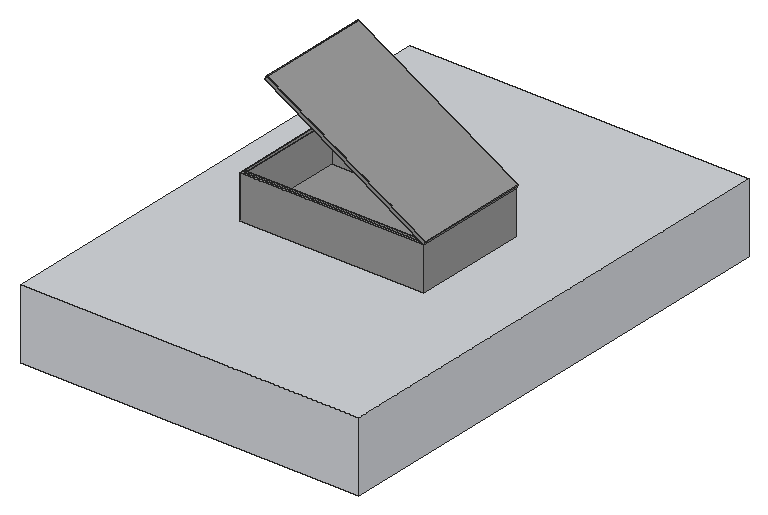
Revit family "Hager-Univers-IP44-D205-H500-Cl.II-Encl-CH-de", category Equipement électrique, Revit 2020
Family settings
  Hôte = Face
  Configuration du panneau = Deux colonnes, circuits au sein
  Cote de connecteur circulaire = Utiliser le diamètre
  Type d'élément = Tableau de raccordement
  Couper avec des vides une fois chargée = Non
  Partagée = Non
  Point de calcul de pièce = Non
Parameters (values of type "Aufputz IP44 B800 H500 T205  - FP33QS")
  Width Control [instance] = if([EF000008 - Breite] > Min Width, [EF000008 - Breite], Min Width)  # 800 mm
  Commentaires du type = [HG000003 - Bereich]  # "Univers"
  Thickness Door [instance] = if([EF009171 - Materialstärke Tür/Deckel] > 3 mm, 3 mm, [EF009171 - Materialstärke Tür/Deckel])  # 1 mm
  Seal Frame Offset [instance] = 17 mm  # constant formula
  Plinth Visibility [instance] = [HG000027 - Sockelhöhe] > 0 mm  # no
  Model = ""
  Min Width [instance] = 100 mm  # constant formula
  Min Height [instance] = 100 mm  # constant formula
  Min Depth [instance] = (2 * [EF009170 - Materialstärke Gehäuse]) + 1 mm  # 3 mm
  Internal Frame Depth [instance] = (Door System Depth * 0.5)  # 9 mm
  Height Control [instance] = if([EF000040 - Höhe] > Min Height, [EF000040 - Höhe], Min Height)  # 500 mm
  HG000027 - Sockelhöhe = 0 mm
  HG000026 - Stehend auf dem Boden = no
  HG000024 - Höhe des unteren Teils = 800 mm
  HG000023 - Gehäuse mit doppeltem Querschnitt = no
  HG000016 - 3D-Türsichtbarkeit [instance] = yes
  HG000015 - Sichtbarkeit der Türöffnung [instance] = no
  HG000014 - Tür rechts [instance] = yes
  HG000013 - Tür links [instance] = not([HG000014 - Tür rechts])  # no
  HG000012 - Türschwenkwinkel [instance] = 30.00°
  HG000010 - Asymmetrische Türen = no
  HG000009 - Doppelflügeligen Tür = no
  HG000006 - Unterputz = no
  HG000004 - Herstellerreferenz = "FP33QS"
  HG000003 - Bereich = "Univers"
  HG000002 - Mit tür = yes
  Frame Offset Bottom [instance] = 10 mm  # constant formula
  Frame Offset [instance] = 15 mm  # constant formula
  EF015940 - Deckel mit Überdruckentlastung = no
  EF011959 - Schutzart (NEMA) = ""
  EF009554 - Anzahl der Öffnungen für Flanschplatten = 6
  Fabricant = "Hager"  # constant formula
  EF009212 - Ausführung Deckel = "EV000116 - geschlossen"
  EF009171 - Materialstärke Tür/Deckel = 1 mm
  EF009170 - Materialstärke Gehäuse = 1 mm
  EF008873 - Nennstrom (In) = 250 A
  EF007800 - Geeignet für Blitzschutz = no
  EF006306 - Mit Schloss = no
  EF006244 - Transparenter Deckel/Tür = no
  EF005474 - Schutzart (IP) = "EV006418 - IP44"
  EF004464 - Art der Tür = "EV002646 - Einzel"
  EF004427 - Anzahl der Module = 108
  EF004293 - Schlagfestigkeit = "EV006815 - IK09"
  EF003532 - Geeignet für Außengebrauch = no
  EF002950 - Breite in Teilungseinheiten = 36
  EF001613 - Funktionserhalt = "EV000494 - ohne"
  EF001596 - Werkstoff des Gehäuses = "EV000179 - Stahl"
  EF001131 - Innentiefe = 143 mm
  EF001088 - Anbaumöglichkeit = yes
  EF000437 - Anzahl der Leitungseinführungen = 6
  EF000339 - Art der Abdeckung = "EV001012 - Deckel"
  EF000266 - Anzahl der Reihen = 3
  EF000218 - Einbautiefe = 0 mm
  EF000118 - Mit Montageplatte = no
  EF000116 - RAL-Nummer = "9010"
  EF000049 - Tiefe = 205 mm
  EF000040 - Höhe = 500 mm
  EF000008 - Breite = 800 mm
  EF000007 - Farbe = "EV000202 - weiß"
  EF000003 - Montageart = "EV000384 - Aufputz"
  Door System Leaf Tolerance [instance] = 1.5 mm  # constant formula
  Door System Depth [instance] = 18 mm  # constant formula
  Door Height [instance] = Height Control - [HG000027 - Sockelhöhe]  # 500 mm
  Depth Control [instance] = if([EF000049 - Tiefe] > Min Depth, [EF000049 - Tiefe], Min Depth)  # 205 mm
  Default Elevation = 0 mm
  Connector Offset [instance] = Height Control / 2  # 250 mm
  Bottom Top Plate Trim [instance] = 1.5 mm  # constant formula
  Plinth height Ctrl [instance] = if([HG000027 - Sockelhöhe] > 0 mm, [HG000027 - Sockelhöhe], 12 mm)  # 12 mm
Types (5, lengths in mm): name | Width Control | HG000009 - Doppelflügeligen Tür | HG000004 - Herstellerreferenz | EF009554 - Anzahl der Öffnungen für Flanschplatten | EF004464 - Art der Tür | EF004427 - Anzahl der Module | EF002950 - Breite in Teilungseinheiten | EF000437 - Anzahl der Leitungseinführungen | EF000008 - Breite
  Aufputz IP44 B1050 H500 T205  - FP34QS | 1050 | yes | "FP34QS" | 8 | "EV003602 - Doppel" | 144 | 48 | 8 | 1050
  Aufputz IP44 B1300 H500 T205  - FP35QS | 1300 | yes | "FP35QS" | 10 | "EV003602 - Doppel" | 180 | 60 | 10 | 1300
  Aufputz IP44 B300 H500 T205  - FP31QS | 300 | no | "FP31QS" | 2 | "EV002646 - Einzel" | 36 | 12 | 2 | 300
  Aufputz IP44 B550 H500 T205  - FP32QS | 550 | no | "FP32QS" | 4 | "EV002646 - Einzel" | 72 | 24 | 4 | 550
  Aufputz IP44 B800 H500 T205  - FP33QS | 800 | no | "FP33QS" | 6 | "EV002646 - Einzel" | 108 | 36 | 6 | 800
Reference planes
  plane 1 "Center (Front/Back)": y = 0
  plane 2: z = 0
  plane 3 "Center (Left/Right)": x = 0
  plane 4: z = 205
  plane 5: y = 1
  plane 6: y = 250
  plane 7: y = 0
  plane 8: y = 500
  plane 9: z = 0
  plane 10: x = -385
  plane 11: x = 385
  plane 12: x = 384
  plane 13: x = -384
  plane 14: y = 499
  plane 15: x = -383
  plane 16: x = -400
  plane 17: x = 383
  plane 18: x = 400
  plane 19: x = 399
  plane 20: x = -399
  plane 21: y = 11
  plane 22: y = 500
  plane 23: y = 484
  plane 24: z = 187
  plane 25: z = 1
  plane 26: z = 186
  plane 27: z = 204
Forms (mm)
  Extrusion 1, solid
    sketch origin (0, 0, 0) x (1, 0, 0) y (0, 1, 0)
      loop
        line (-702.964, 1305) -> (-702.964, -811.445) -> (766.763, -811.445) -> (766.763, 1305) -> (-702.964, 1305)
    from 0 to -304.8
  Extrusion 2, solid, material "Hager_Steel_RAL7035_Light_Grey", visible <- "Plinth Visibility", detail levels medium+fine
    sketch origin (0, 0, 0) x (1, 0, 0) y (0, 1, 0)
      loop
        line (-400, 0) -> (400, 0) -> (400, 12) -> (-400, 12) -> (-400, 0)
    from 0 to 187
  Extrusion 3, solid, material "Hager_Steel_RAL7035_Light_Grey", detail levels medium+fine
    sketch origin (0, 0, 0) x (1, 0, 0) y (0, 1, 0)
      loop
        line (-400, 0) -> (400, 0) -> (400, 500) -> (-400, 500) -> (-400, 0)
    from 0 to 187
  Extrusion 4, void
    sketch origin (0, 0, 0) x (1, 0, 0) y (0, 1, 0)
      loop
        line (-399, 1) -> (399, 1) -> (399, 499) -> (-399, 499) -> (-399, 1)
    from 1 to 186
  Extrusion 5, void
    sketch origin (-381.607, -4572, 187) x (0, -1, 0) y (-1, 0, 0)
      loop
        line (-4583, 2.393) -> (-5056, 2.393) -> (-5056, -765.607) -> (-4583, -765.607) -> (-4583, 2.393)
    from 0 to 1 <- "EF009170 - Materialstärke Gehäuse"
  Extrusion 6, solid, material "Hager_Steel_RAL7035_Light_Grey", detail levels fine
    sketch origin (0, 0, 187) x (1, 0, 0) y (0, 1, 0)
      loop
        line (-384, 484) -> (-384, 11) -> (384, 11) -> (384, 484) -> (-384, 484)
      loop
        line (-385, 10) -> (385, 10) -> (385, 485) -> (-385, 485) -> (-385, 10)
    from 0 to 9 <- "Internal Frame Depth"
  Extrusion 7, solid, material "Hager_Steel_RAL7035_Light_Grey", detail levels coarse
    sketch origin (0, 0, 0) x (1, 0, 0) y (0, 1, 0)
      loop
        line (-400, 0) -> (400, 0) -> (400, 500) -> (-400, 500) -> (-400, 0)
    from 0 to 205
  Sweep 8, void
    path in 3D
      loop
        line (-400, 12, 0) -> (400, 12, 0) -> (400, 12, 187) -> (-400, 12, 187) -> (-400, 12, 0)
    profile origin (-400, 12, 93.5) x (-1, 0, 0) y (0, -1, 0)
      loop
        line (0, 0) -> (0, 1.5) -> (-1.5, 1.5)
        arc (-1.5, 1.5) -> (-1.061, 0.439) -> (0, 0) r 1.5
Cuts and joins
  Extrusion 4, Extrusion 5 cuts Extrusion 3
  Sweep 8 cuts Extrusion 2
Lines and regions (mm)
  Masking region 1
    outline origin (0, 0, 0) x (1, 0, 0) y (0, 0, 1)
      loop
        line (-400, 205) -> (-400, 0) -> (400, 0) -> (400, 205) -> (-400, 205)
  Masking region 2, detail levels medium+fine
    outline origin (0, 140, 0) x (0, 1, 0) y (0, 0, 1)
      loop
        line (-140, 0) -> (360, 0) -> (360, 187) -> (-140, 187) -> (-140, 0)
  Masking region 3, not visible, detail levels medium+fine
    outline origin (0, 297.922, 0) x (0, 1, 0) y (0, 0, 1)
      loop
        line (-36.422, 0) -> (3.578, 0) -> (3.578, 194)
        arc (3.578, 194) -> (0.649, 201.071) -> (-6.422, 204) r 10
        line (-6.422, 204) -> (-36.422, 204) -> (-36.422, 0)
  Masking region 4, detail levels coarse
    outline origin (0, 0, 180) x (0, 1, 0) y (0, 0, 1)
      loop
        line (0, -180) -> (500, -180) -> (500, 25) -> (0, 25) -> (0, -180)
  Masking region 5, visible <- "Plinth Visibility", detail levels medium+fine
    outline origin (0, 52.24, 12.345) x (0, 0, -1) y (0, 1, 0)
      loop
        line (10.845, -40.24) -> (-173.155, -40.24)
        arc (-173.155, -40.24) -> (-173.594, -41.301) -> (-174.655, -41.74) r 1.5
        line (-174.655, -41.74) -> (-174.655, -52.24) -> (12.345, -52.24) -> (12.345, -41.74)
        arc (12.345, -41.74) -> (11.285, -41.301) -> (10.845, -40.24) r 1.5
  Masking region 6, detail levels medium+fine
    outline origin (-381.607, -4572, 187) x (-1, 0, 0) y (0, -1, 0)
      loop
        line (18.393, -5072) -> (18.393, -4572) -> (-781.607, -4572) -> (-781.607, -5072) -> (18.393, -5072)
  Masking region 7, visible <- "Plinth Visibility", detail levels medium+fine
    outline origin (-381.607, -4727, 187) x (-1, 0, 0) y (0, -1, 0)
      loop
        arc (16.893, -4739) -> (17.332, -4737.939) -> (18.393, -4737.5) r 1.5
        line (18.393, -4737.5) -> (18.393, -4727) -> (-781.607, -4727) -> (-781.607, -4737.5)
        arc (-781.607, -4737.5) -> (-780.546, -4737.939) -> (-780.107, -4739) r 1.5
        line (-780.107, -4739) -> (16.893, -4739)
  Masking region 8, detail levels coarse
    outline origin (-442.548, -4669.526, 187) x (-1, 0, 0) y (0, -1, 0)
      loop
        line (-42.548, -5169.526) -> (-42.548, -4669.526) -> (-842.548, -4669.526) -> (-842.548, -5169.526) -> (-42.548, -5169.526)
  sketch lines
    curve 1: line (-400, 12, 187) -> (-400, 12, 0)
    curve 2: line (400, 12, 187) -> (-400, 12, 187)
    curve 3: line (400, 12, 187) -> (400, 12, 0)
    curve 4: line (-400, 12, 0) -> (400, 12, 0)
Dimensions and locks
  "Depth Control": plane 4 to Extrusion 1
  "HG000027 - Sockelhöhe": plane 1 "Center (Front/Back)" to plane 7
  "EF009170 - Materialstärke Gehäuse": plane 5 to plane 7
  locked: connector elem to plane 3 "Center (Left/Right)"
  equal spacing: plane 8, plane 6, plane 7
  locked: connector elem to plane 6
  "EF009170 - Materialstärke Gehäuse": plane 8 to plane 14
  "EF009170 - Materialstärke Gehäuse": plane 10 to plane 13
  "EF009170 - Materialstärke Gehäuse": plane 12 to plane 11
  "Frame Offset": plane 20 to plane 13
  "Frame Offset": plane 12 to plane 19
  "EF009170 - Materialstärke Gehäuse": plane 16 to plane 20
  "EF009170 - Materialstärke Gehäuse": plane 19 to plane 18
  "Seal Frame Offset": plane 16 to plane 15
  "Seal Frame Offset": plane 17 to plane 18
  "Frame Offset Bottom": plane 21 to plane 5
  "Frame Offset": plane 14 to plane 23
  equal spacing: plane 16, plane 3 "Center (Left/Right)", plane 18
  "Width Control": plane 16 to plane 18
  "EF009170 - Materialstärke Gehäuse": plane 4 to plane 27
  "EF009170 - Materialstärke Gehäuse": plane 24 to plane 26
  "EF009170 - Materialstärke Gehäuse": plane 25 to level
  "Door System Depth": plane 4 to plane 24
  "Height Control": plane 1 "Center (Front/Back)" to Extrusion 7 sketch curve
  "Height Control": Masking region 4 sketch curve to plane 1 "Center (Front/Back)"
  "Height Control": plane 1 "Center (Front/Back)" to plane 22
  "Bottom Top Plate Trim": profile plane to Sweep 8 sketch curve
  "Bottom Top Plate Trim": Sweep 8 sketch curve to profile plane
  "Plinth height Ctrl": plane 1 "Center (Front/Back)" to Extrusion 2 sketch curve
  "Plinth height Ctrl": Masking region 5 sketch curve to plane 1 "Center (Front/Back)"
  "Plinth height Ctrl": plane 1 "Center (Front/Back)" to Masking region 7 sketch curve
  "Thickness Door": Extrusion 6 sketch curve to Extrusion 6 sketch curve  (x3)
  "Thickness Door": cut or joined group of Extrusion 3, Extrusion 4, Extrusion 5 to Extrusion 6 sketch curve
  radius of Masking region 3 sketch curve = 10 mm
  "Bottom Top Plate Trim": radius of Masking region 5 sketch curve  (x2)
  "Bottom Top Plate Trim": radius of Sweep 8 sketch curve
  "Bottom Top Plate Trim": radius of Masking region 7 sketch curve  (x2)
  aligned and locked: plane 2 to Extrusion 1
  aligned and locked: level to Extrusion 1
  aligned and locked: level to Masking region 1 sketch curve
  aligned and locked: Masking region 1 sketch curve to plane 18
  aligned and locked: Masking region 1 sketch curve to plane 16
  aligned and locked: plane 7 to Masking region 2 sketch curve
  aligned and locked: level to Masking region 3 sketch curve
  aligned and locked: Masking region 3 sketch curve to plane 27
  aligned and locked: level to Masking region 2 sketch curve
  aligned and locked: plane 1 "Center (Front/Back)" to Extrusion 2 sketch curve
  aligned and locked: Extrusion 3 sketch curve to plane 7
  aligned and locked: plane 16 to Extrusion 3 sketch curve
  aligned and locked: plane 18 to Extrusion 3 sketch curve
  aligned and locked: plane 20 to Extrusion 4 sketch curve
  aligned and locked: plane 19 to Extrusion 4 sketch curve
  aligned and locked: Extrusion 4 sketch curve to plane 5
  aligned and locked: Extrusion 4 to plane 25
  aligned and locked: plane 26 to Extrusion 4
  aligned and locked: plane 24 to Extrusion 3
  aligned and locked: Extrusion 5 sketch curve to plane 21
  aligned and locked: Extrusion 5 sketch curve to plane 13
  aligned and locked: Extrusion 5 sketch curve to plane 12
  aligned and locked: plane 18 to Extrusion 7 sketch curve
  aligned and locked: plane 1 "Center (Front/Back)" to Extrusion 7 sketch curve
  aligned and locked: plane 16 to Extrusion 7 sketch curve
  aligned and locked: plane 4 to Extrusion 7
  aligned and locked: Extrusion 7 to level
  aligned and locked: level to Masking region 4 sketch curve
  aligned and locked: Masking region 4 sketch curve to plane 1 "Center (Front/Back)"
  aligned and locked: Masking region 4 sketch curve to plane 4
  aligned and locked: nested 1 to level
  aligned and locked: nested 1 to plane 16
  aligned and locked: plane 8 to Extrusion 3 sketch curve
  aligned and locked: plane 23 to Extrusion 5 sketch curve
  aligned and locked: plane 14 to Extrusion 4 sketch curve
  aligned and locked: Masking region 2 sketch curve to plane 8
  aligned and locked: level to Masking region 5 sketch curve
  aligned and locked: plane 16 to Extrusion 2 sketch curve
  aligned and locked: plane 18 to Extrusion 2 sketch curve
  aligned and locked: Masking region 5 sketch curve to plane 24
  aligned and locked: Masking region 2 sketch curve to plane 24
  aligned and locked: plane 24 to Extrusion 2
  aligned and locked: profile plane to Sweep 8 sketch curve  (x2)
  aligned and locked: Masking region 6 sketch curve to plane 18
  aligned and locked: Masking region 6 sketch curve to plane 22
  aligned and locked: Masking region 6 sketch curve to plane 16
  aligned and locked: plane 8 to plane 22
  aligned and locked: Masking region 6 sketch curve to plane 7
  aligned and locked: Masking region 7 sketch curve to plane 16
  aligned and locked: Masking region 7 sketch curve to plane 1 "Center (Front/Back)"
  aligned and locked: Masking region 7 sketch curve to plane 18
  aligned and locked: Masking region 8 sketch curve to plane 1 "Center (Front/Back)"
  aligned and locked: Masking region 8 sketch curve to plane 18
  aligned and locked: Masking region 8 sketch curve to plane 22
  aligned and locked: Masking region 8 sketch curve to plane 16
  aligned and locked: nested 2 to plane 7
  aligned and locked: plane 3 "Center (Left/Right)" to nested 2
  aligned and locked: nested 2 to plane 24
  aligned and locked: Extrusion 6 sketch curve to cut or joined group of Extrusion 3, Extrusion 4, Extrusion 5  (x4)
Automatic sketch dimensions
  Extrusion 1 sketch curve to Extrusion 1 sketch curve = 1469.727 mm
  Extrusion 1 sketch curve to Extrusion 1 sketch curve = 2116.445 mm
  Masking region 1 sketch curve to plane 4 = 0 mm
  plane 6 to Masking region 3 sketch curve = 11.5 mm
  Masking region 3 sketch curve to Masking region 3 sketch curve = 30 mm
  Masking region 5 sketch curve to plane 1 "Center (Front/Back)" = 0 mm
Nested families
  nested 1: "Hager_Enclosure_Symbol" at (-400, 0, 0) x (1, 0, 0) z (0, -1, 0), Height <- "Depth Control", Width <- "Width Control", type "Hager_Enclosure_Symbol"
    with Width_Ctrl 800 mm, Width 800 mm, Height_Ctrl 205 mm, Height 205 mm, A_Width_Int 13.453 mm, A_Width 161.438 mm, A_Height_Ctrl 179.375 mm, A_Height 179.375 mm
  nested 2: "EC000058_Univers_Door" at (0, 0, 187) x (1, 0, 0) z (0, 1, 0), Leaf_Tolerance <- "Door System Leaf Tolerance", Angle <- "HG000012 - Türschwenkwinkel", Door_Depth <- "Door System Depth", Door_Left <- "HG000013 - Tür links", Transparent <- "EF006244 - Transparenter Deckel/Tür", Assymetrical <- "HG000010 - Asymmetrische Türen", Width <- "Width Control", Clearance <- "HG000015 - Sichtbarkeit der Türöffnung", Double <- "HG000009 - Doppelflügeligen Tür", 3d_Door <- "HG000016 - 3D-Türsichtbarkeit", Lock_Visibility <- "EF006306 - Mit Schloss", Width_Ctrl <- "Width Control", Door_Right <- "HG000014 - Tür rechts", Door <- "HG000002 - Mit tür", Height <- "Door Height", Thickness <- "Thickness Door", type "EC000058_Univers_Door", detail levels medium+fine
    with min_wh 3 mm, Width_Ctrl 800 mm, Width 800 mm, Transparent no, Thickness 1 mm, Seal_Material Hager_Rubber, Lock_Visibility no, Lock_Material Hager_Plastic_RAL9005_Jet_Black, Leaf_Width 800 mm, Leaf_Tolerance_External_Sides 0 mm, Leaf_Tolerance 1.5 mm, Leaf_Offset 0 mm, Leaf_Height 497 mm, Leaf_2_Width 800 mm, Leaf_2_Offset 400 mm, Leaf_1_Width 800 mm, Leaf_1_Offset 400 mm, Height_Ctrl 500 mm, Height 500 mm, Glass_Material Hager_Glass, Double_Clearance_Ctrl no, Double no, Door_Right_Ctrl yes, Door_Right yes, Door_Material Hager_Steel_RAL7035_Light_Grey, Door_Left_Ctrl no, Door_Left no, Door_Depth 18 mm, Door yes, Clearance_Material Hager_Clearance, Clearance_Depth 800 mm, Clearance_Ctrl no, Clearance no, Assymetrical no, Angle 30.00°, 3d_Door yes
Connectors
  electrical at (0, 250, 0)
    settings: on plane 9, index 1, voltage 0 V, apparent load 0 VA, apparent load phase1 0 VA, apparent load phase2 0 VA, apparent load phase3 0 VA, power factor 1, load classification "Other", number of poles 1, system type 30, power factor state 1, is connector primary yes, connector utility no, sub classification motor no, connector description ""
Definition of nested family "EC000058_Univers_Door"
  Parameters (values of type "EC000058_Univers_Door")
    min_wh [instance] = (2 * Thickness) + 1 mm  # 11 mm
    Width_Ctrl [instance] = 400 mm
    Width [instance] = 500 mm
    Transparent [instance] = yes
    Thickness [instance] = 5 mm
    Seal_Material [instance] = none
    Lock_Visibility [instance] = yes
    Lock_Material [instance] = none
    Leaf_Width [instance] = if((Width_Ctrl - 2 * Leaf_Tolerance_External_Sides) > 0 mm, (Width_Ctrl - 2 * Leaf_Tolerance_External_Sides), min_wh)  # 400 mm
    Leaf_Tolerance_External_Sides [instance] = 0 mm  # constant formula
    Leaf_Tolerance [instance] = 1.5 mm
    Leaf_Offset [instance] = 0 mm  # constant formula
    Leaf_Height [instance] = if((Height_Ctrl - 2 * Leaf_Tolerance) > 0 mm, (Height_Ctrl - 2 * Leaf_Tolerance), min_wh)  # 497 mm
    Leaf_2_Width [instance] = if(and(and(Double, Assymetrical), Door_Left), (Leaf_Width / 3) - (Leaf_Tolerance / 2), if(and(and(Double, Assymetrical), Door_Right), (Leaf_Width / 3) * 2 - (Leaf_Tolerance / 2), if(and(Double, not(Assymetrical)), (Leaf_Width / 2) - Leaf_Tolerance, Leaf_Width)))  # 400 mm
    Leaf_2_Offset [instance] = if(and(Double, Assymetrical), Leaf_2_Width / 2, if(and(Double, not(Assymetrical)), Leaf_Width / 4, Leaf_Width / 2))  # 200 mm
    Leaf_1_Width [instance] = if(and(and(Double, Assymetrical), Door_Right), (Leaf_Width / 3) - (Leaf_Tolerance / 2), if(and(and(Double, Assymetrical), Door_Left), (Width / 3) * 2 - (Leaf_Tolerance / 2), if(and(Double, not(Assymetrical)), (Leaf_Width / 2) - Leaf_Tolerance, Leaf_Width)))  # 400 mm
    Leaf_1_Offset [instance] = if(and(Double, Assymetrical), Leaf_1_Width / 2, if(and(Double, not(Assymetrical)), Leaf_Width / 4, Leaf_Width / 2))  # 200 mm
    Height_Ctrl [instance] = if(Height > min_wh, Height, min_wh)  # 500 mm
    Height [instance] = 500 mm
    Glass_Material [instance] = none
    Double_Clearance_Ctrl [instance] = and(Double, Clearance)  # no
    Double [instance] = no
    Door_Right_Ctrl [instance] = and(or(Door_Right, Double), Door)  # yes
    Door_Right [instance] = yes
    Door_Material [instance] = none
    Door_Left_Ctrl [instance] = and(or(Door_Left, Double), Door)  # no
    Door_Left [instance] = no
    Door_Depth [instance] = 30 mm
    Door [instance] = yes
    Default Elevation = 1219.2 mm
    Clearance_Material [instance] = none
    Clearance_Depth [instance] = if(Leaf_1_Width > Leaf_2_Width, Leaf_1_Width, Leaf_2_Width)  # 400 mm
    Clearance_Ctrl [instance] = and(not(Double), Clearance)  # yes
    Clearance [instance] = yes
    Assymetrical [instance] = yes
    Angle [instance] = 30.00°
    3d_Door [instance] = yes
  Reference planes
    plane 1 "Center (Front/Back)": y = 0
    plane 2 "Bottom": z = 0
    plane 3 "Center (Left/Right)": x = 0
    plane 4: z = 500
    plane 5: x = -200
    plane 6: x = 200
    plane 7: z = 500
    plane 8: x = -200
    plane 9: z = 0
    plane 10: x = 200
    plane 11: y = 0
    plane 12: z = 1.5
    plane 13: x = -600
    plane 14: y = -400
    plane 15: x = 600
    plane 16: x = 0
    plane 17: x = 0
    plane 18: x = -200
    plane 19: x = 200
    plane 20: z = 498.5
  Forms (mm)
    Extrusion 1, solid, material <- "Clearance_Material", visible <- "Double_Clearance_Ctrl"
      sketch origin (1200, 0, 0) x (1, 0, 0) y (0, 0, -1)
        loop
          line (-1800, -498.5) -> (-600, -498.5) -> (-600, 0) -> (-1800, 0) -> (-1800, -498.5)
      from 0 to -400
  Dimensions and locks
    equal spacing: plane 5, plane 3 "Center (Left/Right)", plane 6
    "Width_Ctrl": plane 5 to plane 6
    "Leaf_Offset": plane 5 to plane 8
    "Leaf_Offset": plane 6 to plane 10
    "Leaf_Offset": plane 9 to level
    "Leaf_Offset": plane 4 to plane 7
    "Height_Ctrl": plane 4 to level
    "Leaf_Tolerance": plane 12 to plane 9
    locked: plane 11 to plane 1 "Center (Front/Back)"
    "Leaf_1_Offset": plane 18 to plane 16
    "Leaf_2_Offset": plane 17 to plane 19
    "Leaf_1_Width": plane 13 to plane 8
    "Leaf_2_Width": plane 10 to plane 15
    "Clearance_Depth": plane 14 to plane 1 "Center (Front/Back)"
    "Leaf_Tolerance_External_Sides": plane 8 to plane 18
    "Leaf_Tolerance_External_Sides": plane 19 to plane 10
    "Leaf_Tolerance": plane 7 to plane 20
    aligned and locked: level to plane 2 "Bottom"
    aligned and locked: nested 1 to plane 16
    aligned and locked: nested 2 to plane 17
    aligned and locked: Extrusion 1 to plane 13
    aligned and locked: plane 15 to Extrusion 1
    aligned and locked: Extrusion 1 to plane 14
    aligned and locked: plane 12 to nested 1
    aligned and locked: nested 2 to plane 12
    aligned and locked: Extrusion 1 to plane 11
    aligned and locked: plane 20 to Extrusion 1
    aligned and locked: nested 2 to plane 11
    aligned and locked: nested 1 to plane 11
  Automatic sketch dimensions
    Extrusion 1 sketch curve to level = 0 mm
    plane 5 to Extrusion 1 sketch curve = 400 mm
    plane 6 to Extrusion 1 sketch curve = 400 mm
    Extrusion 1 sketch curve to plane 4 = 1.5 mm
  Nested families
    nested 1: "EC000058_Univers_Door_Leaf" at (0, 0, 1.5), Width <- "Leaf_1_Width", visible <- "Door_Left_Ctrl", Leaf_Height <- "Leaf_Height", Angle <- "Angle", 3d_Door <- "3d_Door", Transparent <- "Transparent", Clearance Material <- "Clearance_Material", Clearance <- "Clearance_Ctrl", Door_Material <- "Door_Material", Glass_Material <- "Glass_Material", Door_Depth <- "Door_Depth", Lock_Material <- "Lock_Material", Seal_Material <- "Seal_Material", Lock_Visibility <- "Lock_Visibility", Thickness <- "Thickness", type "EC000058_Univers_Door_Leaf"
      with Width 400 mm, Transparent_Glass_Offset 30 mm, Transparent_Ctrl yes, Transparent yes, Thickness 5 mm, Standard no, Seal_Material none, Seal_D2 8 mm, Seal_D1 1 mm, Offset_Internal_Frame 10 mm, Lock_Width 20 mm, Lock_Visibility_3d yes, Lock_Visibility yes, Lock_Thickness_3 3 mm, Lock_Thickness_2 1 mm, Lock_Thickness_1 3 mm, Lock_Radius_Offset_2 16 mm, Lock_Radius_Offset_1 15 mm, Lock_Radius_2 5 mm, Lock_Radius 6 mm, Lock_Offset 5 mm, Lock_Material none, Lock_Height 80 mm, Lock_Cover_Top_Offset_2d 17 mm, Lock_Cover_Height -65 mm, Leaf_Height 497 mm, Internal_Seal_Thickness 8 mm, Internal_Seal_Depth_2 4.5 mm, Internal_Frame_Depth 25 mm, Glass_Thickness -1 mm, Glass_Offset -2 mm, Glass_Material none, Door_Material none, Door_Depth 30 mm, Clearance Material none, Clearance yes, Angle_Ctrl 30.00°, Angle 30.00°, 3d_Door yes
    nested 2: "EC000058_Univers_Door_Leaf" at (0, 0, 1.5) x (-1, 0, 0) z (0, 0, 1), Width <- "Leaf_2_Width", visible <- "Door_Right_Ctrl", Leaf_Height <- "Leaf_Height", Angle <- "Angle", 3d_Door <- "3d_Door", Transparent <- "Transparent", Clearance Material <- "Clearance_Material", Clearance <- "Clearance_Ctrl", Door_Material <- "Door_Material", Glass_Material <- "Glass_Material", Door_Depth <- "Door_Depth", Lock_Material <- "Lock_Material", Seal_Material <- "Seal_Material", Lock_Visibility <- "Lock_Visibility", Thickness <- "Thickness", type "EC000058_Univers_Door_Leaf"
      with Width 400 mm, Transparent_Glass_Offset 30 mm, Transparent_Ctrl yes, Transparent yes, Thickness 5 mm, Standard no, Seal_Material none, Seal_D2 8 mm, Seal_D1 1 mm, Offset_Internal_Frame 10 mm, Lock_Width 20 mm, Lock_Visibility_3d yes, Lock_Visibility yes, Lock_Thickness_3 3 mm, Lock_Thickness_2 1 mm, Lock_Thickness_1 3 mm, Lock_Radius_Offset_2 16 mm, Lock_Radius_Offset_1 15 mm, Lock_Radius_2 5 mm, Lock_Radius 6 mm, Lock_Offset 5 mm, Lock_Material none, Lock_Height 80 mm, Lock_Cover_Top_Offset_2d 17 mm, Lock_Cover_Height -65 mm, Leaf_Height 497 mm, Internal_Seal_Thickness 8 mm, Internal_Seal_Depth_2 4.5 mm, Internal_Frame_Depth 25 mm, Glass_Thickness -1 mm, Glass_Offset -2 mm, Glass_Material none, Door_Material none, Door_Depth 30 mm, Clearance Material none, Clearance yes, Angle_Ctrl 30.00°, Angle 30.00°, 3d_Door yes
  Definition of nested family "EC000058_Univers_Door_Leaf"
    Parameters (values of type "EC000058_Univers_Door_Leaf")
      Width [instance] = 2000 mm
      Transparent_Glass_Offset [instance] = 30 mm
      Transparent_Ctrl [instance] = and(Transparent, [3d_Door])  # yes
      Transparent [instance] = yes
      Thickness [instance] = 5 mm
      Standard [instance] = and(not(Transparent), [3d_Door])  # no
      Seal_Material [instance] = none
      Seal_D2 [instance] = 8 mm  # constant formula
      Seal_D1 [instance] = 1 mm  # constant formula
      Offset_Internal_Frame [instance] = 10 mm  # constant formula
      Lock_Width [instance] = 20 mm  # constant formula
      Lock_Visibility_3d [instance] = and(Lock_Visibility, [3d_Door])  # yes
      Lock_Visibility [instance] = yes
      Lock_Thickness_3 [instance] = 3 mm  # constant formula
      Lock_Thickness_2 [instance] = 1 mm  # constant formula
      Lock_Thickness_1 [instance] = 3 mm  # constant formula
      Lock_Radius_Offset_2 [instance] = Lock_Radius_Offset_1 + 1 mm  # 16 mm
      Lock_Radius_Offset_1 [instance] = 15 mm  # constant formula
      Lock_Radius_2 [instance] = Lock_Radius - 1 mm  # 5 mm
      Lock_Radius [instance] = 6 mm  # constant formula
      Lock_Offset [instance] = 5 mm  # constant formula
      Lock_Material [instance] = none
      Lock_Height [instance] = 80 mm  # constant formula
      Lock_Cover_Top_Offset_2d [instance] = Lock_Radius_Offset_2 + 1 mm  # 17 mm
      Lock_Cover_Height [instance] = -(Lock_Height - Lock_Radius_Offset_1)  # -65 mm
      Leaf_Height [instance] = 2720.336 mm
      Internal_Seal_Thickness [instance] = 8 mm  # constant formula
      Internal_Seal_Depth_2 [instance] = 4.5 mm  # constant formula
      Internal_Frame_Depth [instance] = if(Door_Depth - Thickness > 5 mm, Door_Depth - Thickness, 5 mm)  # 25 mm
      Glass_Thickness [instance] = if(Thickness > 15 mm, Glass_Offset + 10 mm, -1 mm)  # -1 mm
      Glass_Offset [instance] = if(Thickness > 15 mm, -(Thickness + 10 mm) / 2, -2 mm)  # -2 mm
      Glass_Material [instance] = none
      Door_Material [instance] = none
      Door_Depth [instance] = 30 mm
      Default Elevation = 0 mm
      Clearance Material [instance] = none
      Clearance [instance] = yes
      Angle_Ctrl [instance] = if(Angle > 180.00°, 180.00°, Angle)  # 90.00°
      Angle [instance] = 90.00°
      3d_Door [instance] = yes
    Reference planes
      plane 1 "Center (Front/Back)": y = 0
      plane 2: z = 0
      plane 3 "Center (Left/Right)": x = 0
      plane 4: y = 2000
      plane 5: x = -1000
      plane 6: x = 1000
      plane 7: x = -3000
      plane 8: z = 2720.336
      plane 9: z = 30
      plane 10: z = 2690.336
      plane 11: x = 970
      plane 12: x = -970
      plane 13: y = -3
      plane 14: z = 107.833
      plane 15: y = -5
      plane 16: y = -223.314
      plane 17: x = -1000
      plane 18: z = 1360.168
      plane 19: y = 30
    Forms (mm)
      Extrusion 1, solid, material <- "Clearance Material", visible <- "Clearance"
        sketch origin (0, 0, 0) x (1, 0, 0) y (0, 0, 1)
          loop
            line (-3000, 2720.336) -> (-3000, 0) -> (1000, 0) -> (1000, 2720.336) -> (-3000, 2720.336)
        from 0 to -2000
      Extrusion 2, solid, material <- "Door_Material", visible <- "Standard", detail levels medium+fine
        sketch origin (-1000, 0, 0) x (0, 1, 0) y (-1, 0, 0)
          loop
            line (0, 30) -> (0, 25) -> (2000, 25) -> (2000, 30) -> (0, 30)
        from 0 to 2720.336 <- "Leaf_Height"
      Extrusion 3, solid, material <- "Door_Material", visible <- "Transparent_Ctrl", detail levels medium+fine
        sketch origin (-1000, 0, 0) x (0, 1, 0) y (-1, 0, 0)
          loop
            line (0, 25) -> (2000, 25) -> (2000, 30) -> (0, 30) -> (0, 25)
        from 0 to 2720.336 <- "Leaf_Height"
      Extrusion 4, void
        sketch origin (-1025, 2000, 0) x (0, 1, 0) y (0, 0, -1)
          loop
            line (-30, -2690.336) -> (-30, -30) -> (-1970, -30) -> (-1970, -2690.336) -> (-30, -2690.336)
        from 0 to 5 <- "Thickness"
      Sweep 5, solid, material <- "Seal_Material", visible <- "Transparent_Ctrl", detail levels fine
        path in 3D
          loop
            line (-1025, 30, 30) -> (-1025, 30, 2690.336) -> (-1025, 1970, 2690.336) -> (-1025, 1970, 30) -> (-1025, 30, 30)
        profile origin (-1025, 1000, 30) x (1, 0, 0) y (0, 0, 1)
          loop
            line (0, 0) -> (0, -8) -> (1, -8) -> (1, 0) -> (0, 0)
      Extrusion 6, solid, material <- "Glass_Material", visible <- "Transparent_Ctrl", detail levels medium+fine
        sketch origin (-1030, 0, 0) x (0, 1, 0) y (0, 0, -1)
          loop
            line (1970, -2690.336) -> (1970, -30) -> (30, -30) -> (30, -2690.336) -> (1970, -2690.336)
        from -2 <- "Glass_Offset" to -1 <- "Glass_Thickness"
      Extrusion 7, solid, material <- "Door_Material", visible <- "3d_Door", detail levels medium+fine
        sketch origin (-1025, 2000, 0) x (0, -1, 0) y (0, 0, -1)
          loop
            line (0, -2720.336) -> (2000, -2720.336) -> (2000, 0) -> (0, 0) -> (0, -2720.336)
          loop
            line (1995, -5) -> (5, -5) -> (5, -2715.336) -> (1995, -2715.336) -> (1995, -5)
        from 0 to 25 <- "Internal_Frame_Depth"
      Sweep 8, solid, material <- "Seal_Material", visible <- "Transparent_Ctrl", detail levels fine
        path in 3D
          loop
            line (-1025, 0, 0) -> (-1025, 2000, 0) -> (-1025, 2000, 2720.336) -> (-1025, 0, 2720.336) -> (-1025, 0, 0)
        profile origin (-1025, 0, 1360.168) x (1, 0, 0) y (0, 1, 0)
          loop
            line (0, 10) -> (2.975, 10)
            arc (2.975, 10) -> (4.053, 10.447) -> (4.5, 11.525) r 1.525
            line (4.5, 11.525) -> (4.5, 16.527)
            arc (4.5, 16.527) -> (4.069, 17.569) -> (3.027, 18) r 1.473
            line (3.027, 18) -> (0, 18) -> (0, 10)
      Extrusion 9, solid, material <- "Lock_Material", visible <- "Lock_Visibility_3d", detail levels fine
        sketch origin (-1030, 0, 0) x (0, 1, 0) y (0, 0, -1)
          loop
            arc (1993.5, -1400.168) -> (1994.561, -1399.729) -> (1995, -1398.668) r 1.5
            line (1995, -1398.668) -> (1995, -1320.168) -> (1975, -1320.168) -> (1975, -1398.668)
            arc (1975, -1398.668) -> (1975.439, -1399.729) -> (1976.5, -1400.168) r 1.5
            line (1976.5, -1400.168) -> (1993.5, -1400.168)
        from 3 <- "Lock_Thickness_1" to 0
      Blend 10, solid, material <- "Lock_Material", visible <- "Lock_Visibility_3d", detail levels fine
        base sketch origin (-1033, 0, 0) x (0, 1, 0) y (0, 0, -1)
          loop
            line (1975, -1320.168) -> (1975, -1398.668)
            arc (1975, -1398.668) -> (1975.439, -1399.729) -> (1976.5, -1400.168) r 1.5
            line (1976.5, -1400.168) -> (1993.5, -1400.168)
            arc (1993.5, -1400.168) -> (1994.561, -1399.729) -> (1995, -1398.668) r 1.5
            line (1995, -1398.668) -> (1995, -1320.168) -> (1975, -1320.168)
        top sketch origin (-1033, 0, 0) x (0, 1, 0) y (0, 0, -1)
          loop
            line (1976, -1320.168) -> (1976, -1398.668)
            arc (1976, -1398.668) -> (1976.146, -1399.022) -> (1976.5, -1399.168) r 0.5
            line (1976.5, -1399.168) -> (1993.5, -1399.168)
            arc (1993.5, -1399.168) -> (1993.854, -1399.022) -> (1994, -1398.668) r 0.5
            line (1994, -1398.668) -> (1994, -1320.168) -> (1976, -1320.168)
        from 0 to 1 <- "Lock_Thickness_2"
      Blend 11, solid, material <- "Lock_Material", visible <- "Lock_Visibility_3d", detail levels fine
        base sketch origin (-1034, 0, 0) x (0, 1, 0) y (0, 0, -1)
          loop
            line (1978, -1320.168) -> (1978, -1384.168)
            arc (1978, -1384.168) -> (1985, -1391.168) -> (1992, -1384.168) r 7
            line (1992, -1384.168) -> (1992, -1320.168) -> (1978, -1320.168)
        top sketch origin (-1034, 0, 0) x (0, 1, 0) y (0, 0, -1)
          loop
            line (1991, -1320.168) -> (1979, -1320.168) -> (1979, -1383.168)
            arc (1979, -1383.168) -> (1985, -1389.168) -> (1991, -1383.168) r 6
            line (1991, -1383.168) -> (1991, -1320.168)
        from 0 to 3 <- "Lock_Thickness_3"
      Extrusion 12, solid, material <- "Lock_Material", visible <- "Lock_Visibility_3d", detail levels fine
        sketch origin (-1030, 1975, 1320.168) x (1, 0, 0) y (0, -1, 0)
          loop
            line (-7, -19) -> (-7, -1) -> (0, -1) -> (0, 0) -> (-8, 0) -> (-8, -20) -> (0, -20) -> (0, -19) -> (-7, -19)
        from 0 to -65 <- "Lock_Cover_Height"
      Extrusion 13, void
        sketch origin (-1038, 1995, 1320.168) x (-1, 0, 0) y (0, 0, -1)
          loop
            line (-5, -65) -> (0, -65) -> (-5, -60) -> (-5, -65)
        from 0 to 20 <- "Lock_Width"
      Extrusion 14, void
        sketch origin (-1038, 1975, 1320.168) x (0, -1, 0) y (0, 0, -1)
          loop
            circle (-10, -15.995) r 6
          loop
            circle (-10, -15.995) r 5
        from 0 to 2
      Extrusion 15, solid, material <- "Lock_Material", visible <- "Lock_Visibility_3d", detail levels medium
        sketch origin (-1030, 0, 0) x (0, 1, 0) y (0, 0, -1)
          loop
            arc (1993.5, -1400.168) -> (1994.561, -1399.729) -> (1995, -1398.668) r 1.5
            line (1995, -1398.668) -> (1995, -1320.168) -> (1975, -1320.168) -> (1975, -1398.668)
            arc (1975, -1398.668) -> (1975.439, -1399.729) -> (1976.5, -1400.168) r 1.5
            line (1976.5, -1400.168) -> (1993.5, -1400.168)
        from 8 to 0
    Cuts and joins
      Extrusion 4 cuts Extrusion 3
      Extrusion 13, Extrusion 14 cuts Extrusion 9
      Extrusion 14 cuts Blend 11
      Extrusion 13, Extrusion 14 cuts Extrusion 12
      joined: Extrusion 9, Blend 10, Blend 11, Extrusion 12
      Extrusion 14 cuts Extrusion 15
    Lines and regions (mm)
      Masking region 1, visible <- "Lock_Visibility", detail levels fine
        outline origin (0, 0, 0) x (0, 1, 0) y (0, 0, 1)
          loop
            line (30, 1320.168) -> (33, 1320.168) -> (33, 1400.168) -> (30, 1400.168) -> (30, 1320.168)
      Masking region 2, visible <- "Lock_Visibility", detail levels fine
        outline origin (0, 3.143, 0) x (0, 1, 0) y (0, 0, 1)
          loop
            line (29.857, 1354.168) -> (30.857, 1354.168) -> (30.857, 1366.168) -> (29.857, 1366.168) -> (29.857, 1354.168)
      Masking region 3, detail levels medium+fine
        outline origin (0, 0, 0) x (0, 1, 0) y (0, 0, 1)
          loop
            line (0, 0) -> (30, 0) -> (30, 2720.336) -> (0, 2720.336) -> (0, 0)
      Masking region 4, detail levels medium+fine
        outline origin (0, 0, 0) x (1, 0, 0) y (0, 0, 1)
          loop
            line (-1000, 2720.336) -> (-1000, 0) -> (1000, 0) -> (1000, 2720.336) -> (-1000, 2720.336)
      Masking region 5, visible <- "Lock_Visibility", detail levels fine
        outline origin (-47.116, 0, 0) x (1, 0, 0) y (0, 0, 1)
          loop
            arc (1024.616, 1399.168) -> (1023.556, 1398.729) -> (1023.116, 1397.668) r 1.5
            line (1023.116, 1397.668) -> (1023.116, 1320.168) -> (1041.116, 1320.168) -> (1041.116, 1397.668)
            arc (1041.116, 1397.668) -> (1040.677, 1398.729) -> (1039.616, 1399.168) r 1.5
            line (1039.616, 1399.168) -> (1024.616, 1399.168)
      Masking region 6, visible <- "Lock_Visibility", detail levels medium+fine
        outline origin (-25, 0, 0) x (1, 0, 0) y (0, 0, 1)
          loop
            arc (1001.5, 1400.168) -> (1000.439, 1399.729) -> (1000, 1398.668) r 1.5
            line (1000, 1398.668) -> (1000, 1320.168) -> (1020, 1320.168) -> (1020, 1398.668)
            arc (1020, 1398.668) -> (1019.561, 1399.729) -> (1018.5, 1400.168) r 1.5
            line (1018.5, 1400.168) -> (1001.5, 1400.168)
      Masking region 7, visible <- "Lock_Visibility", detail levels fine
        outline origin (-73.735, 0, 0) x (1, 0, 0) y (0, 0, 1)
          loop
            line (1051.735, 1382.168) -> (1065.735, 1382.168) -> (1065.735, 1384.168)
            arc (1065.735, 1384.168) -> (1058.735, 1391.168) -> (1051.735, 1384.168) r 7
            line (1051.735, 1384.168) -> (1051.735, 1382.168)
      Masking region 8, visible <- "Lock_Visibility", detail levels fine
        outline origin (-73.735, 0, 0) x (1, 0, 0) y (0, 0, 1)
          loop
            line (1052.735, 1382.168) -> (1064.735, 1382.168) -> (1064.735, 1383.168)
            arc (1064.735, 1383.168) -> (1058.735, 1389.168) -> (1052.735, 1383.168) r 6
            line (1052.735, 1383.168) -> (1052.735, 1382.168)
      Masking region 9, visible <- "Lock_Visibility", detail levels fine
        outline origin (-25, 0, 0) x (1, 0, 0) y (0, 0, 1)
          loop
            line (1020, 1320.168) -> (1020, 1382.168) -> (1000, 1382.168) -> (1000, 1320.168) -> (1020, 1320.168)
      Masking region 10, detail levels medium+fine
        outline origin (0, 0, 0) x (1, 0, 0) y (0, 0, 1)
          loop
            circle (985, 1335.144) r 6
      Masking region 11, detail levels fine
        outline origin (0, 0, 0) x (1, 0, 0) y (0, 0, 1)
          loop
            circle (985, 1335.144) r 5
      Masking region 12, visible <- "Lock_Visibility", detail levels fine
        outline origin (0, 12.767, 0) x (0, 1, 0) y (0, 0, 1)
          loop
            line (20.233, 1320.168) -> (21.233, 1320.168) -> (21.233, 1399.168) -> (20.233, 1400.168) -> (20.233, 1320.168)
      Masking region 13, visible <- "Lock_Visibility", detail levels fine
        outline origin (0, 13.767, -10) x (0, 1, 0) y (0, 0, 1)
          loop
            line (20.233, 1330.168) -> (23.233, 1330.168) -> (23.233, 1399.168) -> (20.233, 1402.168) -> (20.233, 1330.168)
      Masking region 14, visible <- "Lock_Visibility", detail levels fine
        outline origin (0, 12.767, -10) x (0, 1, 0) y (0, 0, 1)
          loop
            line (20.233, 1330.168) -> (25.233, 1330.168) -> (25.233, 1399.305) -> (20.233, 1394.305) -> (20.233, 1330.168)
      Masking region 15, visible <- "Lock_Visibility", detail levels medium
        outline origin (0, 0, 0) x (0, 1, 0) y (0, 0, 1)
          loop
            line (30, 1320.168) -> (38, 1320.168) -> (38, 1400.168) -> (30, 1400.168) -> (30, 1320.168)
      Masking region 16, visible <- "Lock_Visibility", detail levels fine
        outline origin (-1000, 0, 0) x (0, 1, 0) y (-1, 0, 0)
          loop
            line (1975, 30) -> (1995, 30) -> (1995, 38) -> (1975, 38) -> (1975, 30)
          loop
            line (1979, 37) -> (1976, 37) -> (1976, 34) -> (1978, 34) -> (1979, 37)
          loop
            line (1994, 37) -> (1991, 37) -> (1992, 34) -> (1994, 34) -> (1994, 37)
      Masking region 17, visible <- "Lock_Visibility", detail levels medium
        outline origin (-1000, 0, 0) x (0, 1, 0) y (-1, 0, 0)
          loop
            line (1975, 30) -> (1995, 30) -> (1995, 38) -> (1975, 38) -> (1975, 30)
      symbolic lines
        curve 1: line (1000, 0, 0) -> (-3000, 0, 0)
        curve 2: arc (1000, 0, 0) -> (-1000, 2000, 0) -> (-3000, 0, 0) r 2000
        curve 4: line (-1030, 0, 0) -> (-1030, 2000, 0)
      reference lines
        curve 3: line (-1000, 0, 0) -> (-1000, 2000, 0)
      symbolic lines, detail levels medium+fine
        curve 5: line (-1030, 2000, 0) -> (-1025, 2000, 0)
        curve 7: line (-1025, 0, 0) -> (-1030, 0, 0)
        curve 8: line (-1025, 0, 0) -> (-1000, 0, 0)
        curve 9: line (-1000, 0, 0) -> (-1000, 2000, 0)
        curve 10: line (-1000, 2000, 0) -> (-1025, 2000, 0)
      symbolic lines, detail levels fine
        curve 6: line (-1025, 2000, 0) -> (-1025, 0, 0)
      sketch lines
        curve 11: line (-1025, 0, 2720.336) -> (-1025, 0, 0)
        curve 12: line (-1025, 2000, 0) -> (-1025, 0, 0)
        curve 13: line (-1025, 2000, 2720.336) -> (-1025, 2000, 0)
        curve 14: line (-1025, 0, 2720.336) -> (-1025, 2000, 2720.336)
        curve 15: line (-1025, 1970, 30) -> (-1025, 30, 30)
        curve 16: line (-1025, 30, 30) -> (-1025, 30, 2690.336)
        curve 17: line (-1025, 1970, 2690.336) -> (-1025, 1970, 30)
        curve 18: line (-1025, 30, 2690.336) -> (-1025, 1970, 2690.336)
      symbolic lines, visible <- "Transparent", detail levels medium+fine
        curve 19: line (-970, 0, 2690.336) -> (970, 0, 2690.336)
        curve 20: line (-970, 0, 30) -> (-970, 0, 2690.336)
        curve 21: line (970, 0, 30) -> (-970, 0, 30)
        curve 22: line (970, 0, 2690.336) -> (970, 0, 30)
    Dimensions and locks
      "Width": plane 1 "Center (Front/Back)" to plane 4
      equal spacing: plane 5, plane 3 "Center (Left/Right)", plane 6
      "Width": plane 5 to plane 6
      "Width": plane 7 to plane 5
      "Leaf_Height": plane 8 to level
      "Width": curve 5 to curve 3
      "Width": curve 3 to curve 3
      plane 8 to plane 10 = 30 mm
      plane 9 to level = 30 mm
      plane 12 to plane 5 = 30 mm
      plane 6 to plane 11 = 30 mm
      Extrusion 1 to Extrusion 4 sketch curve = 30 mm
      "Transparent_Glass_Offset": curve 3 to Extrusion 4 sketch curve
      "Transparent_Glass_Offset": Extrusion 4 sketch curve to cut or joined group of Extrusion 3, Extrusion 4  (x2)
      cut or joined group of Extrusion 3, Extrusion 4 to Extrusion 6 sketch curve = 30 mm
      "Transparent_Glass_Offset": cut or joined group of Extrusion 3, Extrusion 4 to Extrusion 4 sketch curve
      "Thickness": curve 6 to curve 4
      "Thickness": Extrusion 7 sketch curve to Extrusion 7 sketch curve  (x4)
      "Door_Depth": curve 4 to curve 3
      "Offset_Internal_Frame": profile plane to Sweep 8 sketch curve
      "Internal_Seal_Thickness": Sweep 8 sketch curve to Sweep 8 sketch curve
      "Internal_Seal_Depth_2": profile plane to Sweep 8 sketch curve
      "Seal_D1": profile plane to Sweep 5 sketch curve
      "Seal_D2": profile plane to Sweep 5 sketch curve
      "Thickness": Extrusion 2 sketch curve to Extrusion 2 sketch curve
      equal spacing: Extrusion 9 sketch curve, plane 18, Extrusion 9 sketch curve  (x2)
      equal spacing: Masking region 1 sketch curve, plane 18, Masking region 1 sketch curve
      "Lock_Height": Masking region 1 sketch curve to Masking region 1 sketch curve
      "Lock_Radius": Masking region 2 sketch curve to plane 18 to Masking region 2 sketch curve
      Masking region 2 sketch curve to Masking region 1 = 1 mm
      "Door_Depth": plane 19 to plane 1 "Center (Front/Back)"
      "Lock_Thickness_1": Masking region 1 sketch curve to plane 19
      "Lock_Width": Extrusion 9 sketch curve to Extrusion 9 sketch curve
      "Lock_Height": Extrusion 9 sketch curve to Extrusion 9 sketch curve
      "Lock_Offset": cut or joined group of Extrusion 3, Extrusion 4 to Extrusion 9 sketch curve
      equal spacing: plane 8, plane 18, level
      "Lock_Radius_Offset_1": Blend 11 sketch curve to Blend 10
      locked: Blend 10 to Blend 11 sketch curve at 2  (x2)
      locked: var sketch to Blend 11 sketch curve at 1  (x2)
      "Lock_Radius_Offset_2": Blend 11 sketch curve to Blend 10
      locked: Extrusion 12 sketch curve to Extrusion 12 sketch curve at 1  (x3)
      Masking region 6 sketch curve to Masking region 6 sketch curve = 80 mm
      "Lock_Height": Masking region 6 sketch curve to Masking region 6 sketch curve
      "Lock_Width": Masking region 6 sketch curve to Masking region 6 sketch curve
      locked: Masking region 6 to Masking region 5 sketch curve at 1  (x3)
      locked: Masking region 5 to Masking region 7 sketch curve at 2  (x2)
      "Lock_Radius_Offset_1": Masking region 5 to Masking region 7 sketch curve
      "Lock_Radius_Offset_2": Masking region 5 to Masking region 8 sketch curve
      locked: Masking region 7 to Masking region 8 sketch curve at 1  (x2)
      "Lock_Cover_Top_Offset_2d": Masking region 5 to Masking region 9 sketch curve
      equal spacing: Masking region 9, Masking region 10 sketch curve, Masking region 9
      equal spacing: Masking region 9, Masking region 11 sketch curve, Masking region 9
      Extrusion 15 sketch curve to Extrusion 15 sketch curve = 80 mm
      "Lock_Width": Extrusion 15 sketch curve to Extrusion 15 sketch curve
      "Lock_Height": Extrusion 15 sketch curve to Extrusion 15 sketch curve
      equal spacing: Extrusion 15 sketch curve, plane 18, Extrusion 15 sketch curve
      "Lock_Thickness_3": Masking region 13 sketch curve to Masking region 13 sketch curve
      "Lock_Height": Masking region 12 sketch curve to Masking region 12 sketch curve
      locked: Masking region 13 sketch curve to Masking region 1 at 8
      locked: Masking region 14 sketch curve to Masking region 13 at 1
      locked: Masking region 14 sketch curve to Masking region 1 at 10.863
      "Lock_Height": Masking region 15 sketch curve to Masking region 15 sketch curve
      "Lock_Offset": Extrusion 15 sketch curve to cut or joined group of Extrusion 3, Extrusion 4
      "Lock_Offset": plane 6 to Masking region 6 sketch curve
      radius of Sweep 8 sketch curve = 1.525 mm
      radius of Sweep 8 sketch curve = 1.473 mm
      radius of Extrusion 9 sketch curve = 1.5 mm  (x2)
      "Lock_Radius": radius of Extrusion 14 sketch curve
      "Lock_Radius_2": radius of Extrusion 14 sketch curve
      "Lock_Radius": radius of Masking region 10 sketch curve
      "Lock_Radius_2": radius of Masking region 11 sketch curve
      radius of Extrusion 15 sketch curve = 1.5 mm  (x2)
      "Angle_Ctrl": angle plane 1 "Center (Front/Back)" to curve 3
      locked: Masking region 12 sketch curve to Masking region 12 sketch curve (angle 45.00°)
      locked: Masking region 13 sketch curve to Masking region 13 sketch curve (angle 45.00°)
      locked: Masking region 14 sketch curve to Masking region 14 sketch curve (angle 45.00°)
      aligned and locked: level to plane 2
      aligned and locked: Extrusion 1 to curve 1
      aligned and locked: plane 6 to Extrusion 1
      aligned and locked: Extrusion 1 to plane 1 "Center (Front/Back)"
      aligned and locked: plane 4 to Extrusion 1
      aligned and locked: plane 8 to Extrusion 1
      aligned and locked: curve 7 to Extrusion 2 sketch curve
      aligned and locked: curve 5 to Extrusion 2 sketch curve
      aligned and locked: curve 7 to Extrusion 3 sketch curve
      aligned and locked: Extrusion 3 sketch curve to curve 4
      aligned and locked: Extrusion 3 sketch curve to curve 6
      aligned and locked: Extrusion 3 sketch curve to curve 5
      aligned and locked: curve 9 to curve 3
      aligned and locked: Extrusion 7 sketch curve to cut or joined group of Extrusion 3, Extrusion 4  (x4)
      aligned and locked: plane 17 to curve 3
      aligned and locked: plane 1 "Center (Front/Back)" to curve 3
      aligned and locked: plane 17 to plane 5
      aligned and locked: Sweep 8 sketch curve to profile plane
      aligned and locked: Sweep 5 sketch curve to profile plane  (x2)
      aligned and locked: Masking region 1 to Masking region 2 sketch curve
      aligned and locked: plane 19 to Masking region 1 sketch curve
      aligned and locked: plane 1 "Center (Front/Back)" to Masking region 3 sketch curve
      aligned and locked: plane 19 to Masking region 3 sketch curve
      aligned and locked: level to Masking region 3 sketch curve
      aligned and locked: Masking region 3 sketch curve to plane 8
      aligned and locked: plane 17 to Masking region 4 sketch curve
      aligned and locked: level to Masking region 4 sketch curve
      aligned and locked: Masking region 4 sketch curve to plane 8
      aligned and locked: plane 12 to curve 20
      aligned and locked: plane 10 to curve 19
      aligned and locked: plane 11 to curve 22
      aligned and locked: curve 21 to plane 9
      aligned and locked: Extrusion 2 sketch curve to cut or joined group of Extrusion 3, Extrusion 4
      aligned and locked: Blend 10 sketch curve to Extrusion 9  (x4)
      aligned and locked: Extrusion 9 to Blend 10 sketch curve
      aligned and locked: Blend 10 to Blend 11 sketch curve
      aligned and locked: Extrusion 12 sketch curve to Blend 11
      aligned and locked: Extrusion 12 sketch curve to Extrusion 9  (x4)
      aligned and locked: Masking region 5 sketch curve to Masking region 6
      aligned and locked: Masking region 9 sketch curve to Masking region 6  (x3)
      aligned and locked: Masking region 12 sketch curve to Masking region 1
      aligned and locked: Masking region 13 sketch curve to Masking region 1
      aligned and locked: Masking region 12 to Masking region 14
      aligned and locked: Masking region 14 sketch curve to Masking region 1
      aligned and locked: Masking region 15 sketch curve to Masking region 14
      aligned and locked: Masking region 13 sketch curve to Masking region 12
      aligned and locked: Masking region 16 sketch curve to cut or joined group of Extrusion 14, Extrusion 15  (x4)
      aligned and locked: Masking region 16 sketch curve to cut or joined group of Extrusion 9, Blend 10, Blend 11, Extrusion 12, Extrusion 13, Extrusion 14  (x6)
      aligned and locked: cut or joined group of Extrusion 9, Blend 10, Blend 11, Extrusion 12, Extrusion 13, Extrusion 14 to Masking region 16 sketch curve
      aligned and locked: Masking region 17 sketch curve to cut or joined group of Extrusion 14, Extrusion 15  (x3)
      aligned and locked: Masking region 17 sketch curve to cut or joined group of Extrusion 9, Blend 10, Blend 11, Extrusion 12, Extrusion 13, Extrusion 14
      aligned and locked: Masking region 9 to Masking region 8 sketch curve
      aligned and locked: Masking region 9 to Masking region 7 sketch curve
    Automatic sketch dimensions
      plane 1 "Center (Front/Back)" to curve 2 = 0 mm
      curve 2 to plane 5 = 0 mm
      Extrusion 1 sketch curve to level = 0 mm
      Extrusion 1 sketch curve to plane 7 = 0 mm
      Extrusion 1 sketch curve to plane 6 = 0 mm
      Extrusion 1 sketch curve to plane 8 = 0 mm
      Extrusion 3 to Extrusion 6 sketch curve = 30 mm  (x4)
      Masking region 4 sketch curve to plane 6 = 0 mm
      Blend 10 sketch curve to Extrusion 9 = 1.5 mm
      Blend 10 sketch curve to Extrusion 9 = 1 mm
      Extrusion 13 sketch curve to Extrusion 12 = 0 mm  (x2)
      Extrusion 12 to Extrusion 13 sketch curve = 3 mm
      Extrusion 13 sketch curve to Extrusion 12 = 5 mm
      Extrusion 14 sketch curve to Extrusion 14 sketch curve = 0 mm  (x2)
      Extrusion 14 sketch curve to Extrusion 12 = 10 mm
      Extrusion 14 sketch curve to Extrusion 12 = 15.995 mm
      Masking region 5 sketch curve to Masking region 5 sketch curve = 1.5 mm  (x2)
      Masking region 10 sketch curve to plane 18 = 25.024 mm
      Masking region 11 sketch curve to plane 18 = 25.024 mm
      plane 19 to Masking region 14 sketch curve = 3 mm
      Masking region 16 sketch curve to Masking region 16 sketch curve = 3 mm
      curve 4 to curve 3 = 0 mm
      Blend 10 to Blend 11 sketch curve = 0 mm
      Masking region 6 sketch curve to Masking region 6 sketch curve = 1.5 mm  (x2)
      Masking region 6 sketch curve to plane 18 = 40 mm
      plane 19 to Masking region 12 sketch curve = 3 mm
      Masking region 12 sketch curve to Masking region 12 sketch curve = 1 mm
      Masking region 15 sketch curve to plane 19 = 0 mm
      Masking region 15 sketch curve to plane 18 = 40 mm
      radius of Blend 10 sketch curve to Extrusion 9 = 1 mm
Definition of nested family "Hager_Enclosure_Symbol"
  Parameters (values of type "Hager_Enclosure_Symbol")
    Width_Ctrl [instance] = if(Width > 1 mm, Width, 1 mm)  # 102.27 mm
    Width [instance] = 102.27 mm
    Height_Ctrl [instance] = if(Height > 1 mm, Height, 1 mm)  # 66.5 mm
    A_Width_Int [instance] = if(A_Width / 12 > 2 mm, A_Width / 12, 2 mm)  # 4.364 mm
    A_Width [instance] = if(A_Height_Ctrl * 0.9 > 2 mm, A_Height_Ctrl * 0.9, 2 mm)  # 52.369 mm
    A_Height_Ctrl [instance] = if(A_Height > 2 mm, A_Height, 2 mm)  # 58.188 mm
    Height [instance] = 66.5 mm
    A_Height [instance] = Height - (Height / 8)  # 58.188 mm
  Reference planes
    plane 1 "Centre (avant/arrière)": y = 0
    plane 2: z = 0
    plane 3 "Centre (gauche/droite)": x = 0
    plane 4: x = 52.369
    plane 5: y = 33.042
    plane 6: y = 41.77
    plane 7: y = 66.5
    plane 8: x = 26.184
    plane 9: y = 37.406
    plane 10: x = 102.27
    plane 11: y = 66.5
    plane 12: y = 8.313
  Lines and regions (mm)
    Filled region 1, type "Solid_Black", in view "Niveau de réf."
      outline origin (0, 0, 0) x (1, 0, 0) y (0, 1, 0)
        loop
          line (52.369, 66.5) -> (33.188, 54.536) -> (45.365, 45.006) -> (52.369, 66.5)
    Filled region 2, type "Solid_Black", in view "Niveau de réf."
      outline origin (0, 0, 0) x (1, 0, 0) y (0, 1, 0)
        loop
          line (0, 0) -> (102.27, 0) -> (102.27, 66.5) -> (0, 0)
    detail lines, in view "Niveau de réf."
      curve 1: line (0, 8.313, 0) -> (26.184, 41.77, 0)
      curve 2: line (26.184, 41.77, 0) -> (26.184, 33.042, 0)
      curve 3: line (26.184, 33.042, 0) -> (52.369, 66.5, 0)
  Dimensions and locks
    "A_Width": plane 3 "Centre (gauche/droite)" to plane 4
    equal spacing: plane 3 "Centre (gauche/droite)", plane 8, plane 4
    equal spacing: plane 6, plane 9, plane 5
    equal spacing: curve 3, Filled region 1 sketch curve, Filled region 1 sketch curve
    "Height_Ctrl": plane 1 "Centre (avant/arrière)" to plane 11
    "A_Height_Ctrl": plane 11 to plane 12
    equal spacing: plane 11, plane 9, plane 12
    "A_Width_Int": plane 6 to plane 9
    "Width_Ctrl": plane 3 "Centre (gauche/droite)" to plane 10
    angle Filled region 1 sketch curve to curve 3 = 20.00°
    angle curve 3 to Filled region 1 sketch curve = 20.00°
    locked: curve 3 to Filled region 1 sketch curve (angle 90.00°)
    aligned and locked: plane 10 to Filled region 2
    aligned and locked: plane 11 to Filled region 2 sketch curve
    aligned and locked: plane 10 to Filled region 2 sketch curve
    aligned and locked: plane 3 "Centre (gauche/droite)" to curve 1
    aligned and locked: plane 12 to curve 1
    aligned and locked: plane 7 to plane 11
  Automatic sketch dimensions
    Filled region 1 sketch curve to plane 4 = 0 mm
    Filled region 1 sketch curve to plane 7 = 0 mm
    plane 1 "Centre (avant/arrière)" to Filled region 2 sketch curve = 0 mm
    Filled region 2 sketch curve to plane 3 "Centre (gauche/droite)" = 0 mm
    curve 2 to plane 6 = 0 mm
    curve 2 to plane 8 = 0 mm
    curve 3 to plane 4 = 0 mm
    curve 2 to plane 5 = 0 mm
    curve 3 to plane 7 = 0 mm
